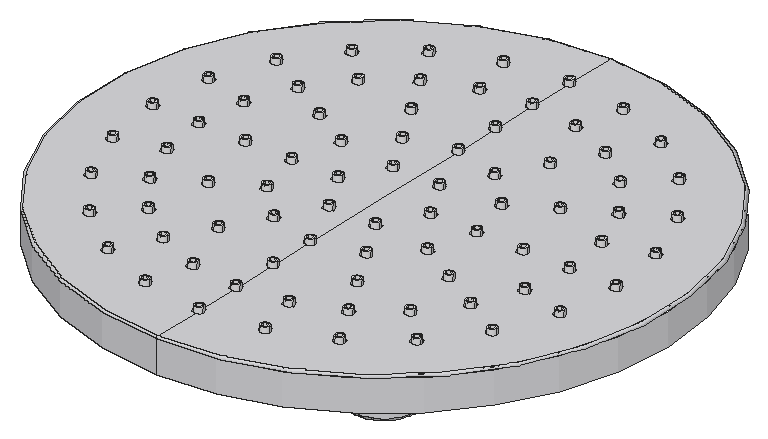
Revit family "Shower-Showerhead-KOHLER-Katalyst_Air-K-18358A_1", category Plumbing Fixtures, host Face, Revit 2017
Family settings
  Host = Face
  Round Connector Dimension = Use Diameter
  Part Type = Normal
  OmniClass Number = 23.31.17.00
  OmniClass Title = Showers
  Cut with Voids When Loaded = No
  Shared = No
  Room Calculation Point = No
Parameters (values of type "CP-Polished Chrome")
  Width = 7.99213"  # constant formula
  WaterSense Certified = 1 = 0  # no
  Waste Water Outlet = "Waste Water Outlet"  # constant formula
  Waste Connection = 1 = 0  # no
  Vent Connection = 1 = 0  # no
  URL = "https://kohler.com.au/"
  Type = 1
  Tempered Water Inlet = ""
  Product Page URL = ""
  Product Name = "Katalyst"  # constant formula
  Product Documentation Link = ""
  Pressure = 45.00 psi  # constant formula
  Panel Thickness = 0"
  Model = "K-18358A-CP"  # constant formula
  Material = "Premium Metal Construction"  # constant formula
  Master Format 2014 Name = "Residential Showers"  # constant formula
  Master Format 2014 = "22 42 23"  # constant formula
  Manufacturer Address = "Kohler Australia PO Box 154  Clifton Hill  VIC 3068 "  # constant formula
  Manufacturer = "KOHLER Co."  # constant formula
  Length = 7.99213"  # constant formula
  Hot Water Inlet = "Tempered Water Inlet"  # constant formula
  Height = 2.59843"  # constant formula
  HW Connection = 1 = 1  # yes
  Flow Rate = 2.5 GPM  # constant formula
  Finish = Kohler-Metal-CP-Polished_Chrome
  Environmental Product Declaration = ""
  Drain Included = 1 = 0  # no
  Description = "8' ROUND RAINSHOWER HEAD"  # constant formula
  Default Elevation = 0"
  Declare Label = ""
  Date Modified = "09/03/2020"  # constant formula
  Date Created = "09/03/2020"  # constant formula
  Copyright = "Copyright KOHLER Co."  # constant formula
  Contact Us = "https://kohler.com.au/contact-us.html"
  Cold Water Inlet = "Cold Water Inlet"  # constant formula
  CW Connection = 1 = 0  # no
  Assembly Code = "D2010700"
  ADA Compliant = 1 = 0  # no
Reference planes (in)
  plane 1 "Center (Front/Back)": y = 0
  plane 2: z = 0
  plane 3 "Center (Left/Right)": x = 0
  plane 4: x = 3.99606
  plane 5: x = -3.99606
  plane 6: z = 2.59843
  plane 7: y = -3.99606
  plane 8: y = 3.99606
Dimensions and locks (in)
  "Width": plane 5 to plane 4
  "Length": plane 8 to plane 7
  "Height": plane 6 to level
  plane 5 to plane 4 = 7.99213"
  plane 8 to plane 7 = 7.99213"
  aligned and locked: plane 2 to host face
  aligned and locked: level to host face
  aligned and locked: plane 3 "Center (Left/Right)" to nested 1
  aligned and locked: plane 1 "Center (Front/Back)" to nested 1
  aligned and locked: plane 4 to nested 1
  aligned and locked: plane 5 to nested 1
  aligned and locked: plane 6 to nested 1
  aligned and locked: plane 7 to nested 1
  aligned and locked: plane 8 to nested 1
Automatic sketch dimensions
  host sketch curve to host sketch curve = 96"  (x2)
Nested families (in)
  nested 1: "K-18358A" at (0, 0, 0), type "K-18358A"
Connectors (in)
  piping at (0, 0, 0), diameter 0.5, driven by "Flow Rate", driven by "Pressure", driven by "HW Connection", driven by "Hot Water Inlet"
    settings: on nested 1, index 1, connector inside diameter 24", connector length 0", flow factor 0, pipe flow 2.5 GPM, pressure drop 45.00 psi, fitting loss kfactor 0, connector angle 0.00°, fixture units 0, engagement length 0", angle of deflection 0.00°, flow configuration 1, flow direction 1, fitting loss method 4, system type 19, joint type 0, gender type 0, connector reference index -1, connector utility 1, adjustable connector no, is connector primary yes, connector description "Tempered Water Inlet"
Definition of nested family "K-18358A"
  Parameters (values of type "K-18358A")
    Material = none
  Reference planes (in)
    plane 1 "Center (Front/Back)": y = 0
    plane 2: z = 0
    plane 3 "Center (Left/Right)": x = 0
    plane 4: y = -3.99606
    plane 5: z = 2.59843
    plane 6: y = 3.99606
    plane 7: z = 2.52779
    plane 8: z = 2.05535
    plane 9: x = 3.99606
    plane 10: x = -3.99606
    plane 11: through (0, 0, 48) normal (-0.866, 0.5, 0)
    plane 12: z = 0.53951
  Forms (in)
    Revolve 1, solid, material <- "Material", detail levels medium+fine
      sketch origin (0, 0, 0) x (0, 1, 0) y (0, 0, 1)
        loop
          line (0, 2.52779) -> (0, 0) -> (0.47427, 0)
          arc (0.47427, 0) -> (0.48898, 0.00609) -> (0.49507, 0.0208) r 0.0208
          line (0.49507, 0.0208) -> (0.49507, 0.53951)
          arc (0.49507, 0.53951) -> (0.45605, 0.66716) -> (0.35232, 0.75116) r 0.22827
          arc (0.35232, 0.75116) -> (0.30973, 0.80576) -> (0.33581, 0.86992) r 0.06917
          arc (0.33581, 0.86992) -> (0.39568, 0.92608) -> (0.44414, 0.99235) r 0.44194
          line (0.44414, 0.99235) -> (0.7205, 0.99235) -> (0.7205, 2.07109) -> (3.93783, 2.07109) -> (3.96511, 2.05535) -> (3.99606, 2.05535) -> (3.99606, 2.49681)
          arc (3.99606, 2.49681) -> (3.98699, 2.51871) -> (3.96509, 2.52779) r 0.03098
          line (3.96509, 2.52779) -> (0, 2.52779)
        axis (0, 2.52779) -> (0, 0)
      angle from 0 to 360
    Extrusion 2, void
      sketch origin (0, 0, 0) x (1, 0, 0) y (0, 0, 1)
        loop
          line (-0.5468, 0.075) -> (-0.45407, 0.16773) -> (-0.45407, 0.74338) -> (-0.5468, 0.74338) -> (-0.5468, 0.075)
        loop
          line (0.5468, 0.075) -> (0.5468, 0.74338) -> (0.45407, 0.74338) -> (0.45407, 0.16773) -> (0.5468, 0.075)
        loop
          line (0.68898, 1.46439) -> (0.68898, 0.97296) -> (0.88583, 0.97296) -> (0.88583, 1.46439) -> (0.68898, 1.46439)
        loop
          line (-0.68898, 1.46439) -> (-0.88583, 1.46439) -> (-0.88583, 0.97296) -> (-0.68898, 0.97296) -> (-0.68898, 1.46439)
      from -1.90009 to 2.64959
    Extrusion 3, void
      sketch origin (0, 0, 0) x (1, 0, 0) y (0, 1, 0)
        loop
          circle (0, 1.29826) r 0.07424
        loop
          circle (0, 1.95079) r 0.07424
        loop
          circle (-0.00142, 2.60042) r 0.07544
        loop
          circle (-0.00142, 3.24982) r 0.07544
        loop
          circle (0, -1.29826) r 0.07424
        loop
          circle (0, -1.95079) r 0.07424
        loop
          circle (-0.00142, -2.60042) r 0.07544
        loop
          circle (-0.00142, -3.24982) r 0.07544
        loop
          circle (1.12494, 0.64948) r 0.07559
        loop
          circle (1.68943, 0.97539) r 0.07559
        loop
          circle (2.25137, 1.29983) r 0.07561
        loop
          circle (2.81494, 1.62521) r 0.07559
        loop
          circle (-1.12494, 0.64948) r 0.07559
        loop
          circle (-1.68943, 0.97539) r 0.07559
        loop
          circle (-2.25137, 1.29983) r 0.07561
        loop
          circle (-2.81494, 1.62521) r 0.07559
        loop
          circle (-1.12494, -0.64948) r 0.07559
        loop
          circle (-1.68943, -0.97539) r 0.07559
        loop
          circle (-2.25137, -1.29983) r 0.07561
        loop
          circle (-2.81494, -1.62521) r 0.07559
        loop
          circle (1.12494, -0.64948) r 0.07559
        loop
          circle (1.68943, -0.97539) r 0.07559
        loop
          circle (2.25137, -1.29983) r 0.07561
        loop
          circle (2.81494, -1.62521) r 0.07559
        loop
          circle (-0.67348, 2.51348) r 0.07559
        loop
          circle (-0.84146, 3.14036) r 0.07559
        loop
          circle (0.67348, 2.51348) r 0.07559
        loop
          circle (0.84146, 3.14036) r 0.07559
        loop
          circle (0.67348, -2.51348) r 0.07559
        loop
          circle (0.84146, -3.14036) r 0.07559
        loop
          circle (-0.67348, -2.51348) r 0.07559
        loop
          circle (-0.84146, -3.14036) r 0.07559
        loop
          circle (-3.13885, 0.84105) r 0.07559
        loop
          circle (-2.51136, 0.67292) r 0.07524
        loop
          circle (3.13885, 0.84105) r 0.07559
        loop
          circle (2.51136, 0.67292) r 0.07524
        loop
          circle (3.13885, -0.84105) r 0.07559
        loop
          circle (2.51136, -0.67292) r 0.07524
        loop
          circle (-3.13885, -0.84105) r 0.07559
        loop
          circle (-2.51136, -0.67292) r 0.07524
        loop
          circle (-2.29764, 2.30001) r 0.07559
        loop
          circle (-1.83814, 1.83994) r 0.07559
        loop
          circle (2.29764, 2.30001) r 0.07559
        loop
          circle (1.83814, 1.83994) r 0.07559
        loop
          circle (2.29764, -2.30001) r 0.07559
        loop
          circle (1.83814, -1.83994) r 0.07559
        loop
          circle (-2.29764, -2.30001) r 0.07559
        loop
          circle (-1.83814, -1.83994) r 0.07559
        loop
          circle (1.62667, -2.81748) r 0.07447
        loop
          circle (1.30103, -2.25346) r 0.07447
        loop
          circle (0.97539, -1.68943) r 0.07447
        loop
          circle (0.64975, -1.12541) r 0.07447
        loop
          circle (0.32606, -0.56213) r 0.07559
        loop
          circle (-1.62667, -2.81748) r 0.07447
        loop
          circle (-1.30103, -2.25346) r 0.07447
        loop
          circle (-0.97539, -1.68943) r 0.07447
        loop
          circle (-0.64975, -1.12541) r 0.07447
        loop
          circle (-0.32606, -0.56213) r 0.07559
        loop
          circle (-1.62667, 2.81748) r 0.07447
        loop
          circle (-1.30103, 2.25346) r 0.07447
        loop
          circle (-0.97539, 1.68943) r 0.07447
        loop
          circle (-0.64975, 1.12541) r 0.07447
        loop
          circle (-0.32606, 0.56213) r 0.07559
        loop
          circle (1.62667, 2.81748) r 0.07447
        loop
          circle (1.30103, 2.25346) r 0.07447
        loop
          circle (0.97539, 1.68943) r 0.07447
        loop
          circle (0.64975, 1.12541) r 0.07447
        loop
          circle (0.32606, 0.56213) r 0.07559
        loop
          circle (0.64823, 0) r 0.07559
        loop
          circle (1.29951, 0) r 0.07559
        loop
          circle (1.9491, 0) r 0.07559
        loop
          circle (2.60193, 0) r 0.07559
        loop
          circle (3.25193, 0) r 0.07559
        loop
          circle (-0.64823, 0) r 0.07559
        loop
          circle (-1.29951, 0) r 0.07559
        loop
          circle (-1.9491, 0) r 0.07559
        loop
          circle (-2.60193, 0) r 0.07559
        loop
          circle (-3.25193, 0) r 0.07559
      from 2.23033 to 4.27742
    Extrusion 4, solid, detail levels medium+fine
      sketch origin (0, 0, 0) x (1, 0, 0) y (0, 1, 0)
        loop
          circle (0.64975, 1.12541) r 0.05906
        loop
          circle (0.64975, 1.12541) r 0.03937
        loop
          circle (0.32606, 0.56213) r 0.05906
        loop
          circle (0.32606, 0.56213) r 0.03937
        loop
          circle (1.62667, 2.81748) r 0.05906
        loop
          circle (1.62667, 2.81748) r 0.03937
        loop
          circle (1.30103, 2.25346) r 0.05906
        loop
          circle (1.30103, 2.25346) r 0.03937
        loop
          circle (0.97539, 1.68943) r 0.03937
        loop
          circle (0.97539, 1.68943) r 0.05906
        loop
          circle (-0.64975, 1.12541) r 0.05906
        loop
          circle (-0.64975, 1.12541) r 0.03937
        loop
          circle (-0.32606, 0.56213) r 0.05906
        loop
          circle (-0.32606, 0.56213) r 0.03937
        loop
          circle (-1.62667, 2.81748) r 0.05906
        loop
          circle (-1.62667, 2.81748) r 0.03937
        loop
          circle (-1.30103, 2.25346) r 0.05906
        loop
          circle (-1.30103, 2.25346) r 0.03937
        loop
          circle (-0.97539, 1.68943) r 0.03937
        loop
          circle (-0.97539, 1.68943) r 0.05906
        loop
          circle (-0.64975, -1.12541) r 0.05906
        loop
          circle (-0.64975, -1.12541) r 0.03937
        loop
          circle (-0.32606, -0.56213) r 0.05906
        loop
          circle (-0.32606, -0.56213) r 0.03937
        loop
          circle (-1.62667, -2.81748) r 0.05906
        loop
          circle (-1.62667, -2.81748) r 0.03937
        loop
          circle (-1.30103, -2.25346) r 0.05906
        loop
          circle (-1.30103, -2.25346) r 0.03937
        loop
          circle (-0.97539, -1.68943) r 0.03937
        loop
          circle (-0.97539, -1.68943) r 0.05906
        loop
          circle (0.64975, -1.12541) r 0.05906
        loop
          circle (0.64975, -1.12541) r 0.03937
        loop
          circle (0.32606, -0.56213) r 0.05906
        loop
          circle (0.32606, -0.56213) r 0.03937
        loop
          circle (1.62667, -2.81748) r 0.05906
        loop
          circle (1.62667, -2.81748) r 0.03937
        loop
          circle (1.30103, -2.25346) r 0.05906
        loop
          circle (1.30103, -2.25346) r 0.03937
        loop
          circle (0.97539, -1.68943) r 0.03937
        loop
          circle (0.97539, -1.68943) r 0.05906
        loop
          circle (0.84146, 3.14036) r 0.03937
        loop
          circle (0.84146, 3.14036) r 0.05906
        loop
          circle (0.67348, 2.51348) r 0.03937
        loop
          circle (0.67348, 2.51348) r 0.05906
        loop
          circle (2.29764, 2.30001) r 0.03937
        loop
          circle (2.29764, 2.30001) r 0.05906
        loop
          circle (1.83814, 1.83994) r 0.03937
        loop
          circle (1.83814, 1.83994) r 0.05906
        loop
          circle (3.13885, 0.84105) r 0.03937
        loop
          circle (3.13885, 0.84105) r 0.05906
        loop
          circle (2.51136, 0.67292) r 0.03937
        loop
          circle (2.51136, 0.67292) r 0.05906
        loop
          circle (-0.00142, 3.24982) r 0.05906
        loop
          circle (-0.00142, 3.24982) r 0.03937
        loop
          circle (-0.00142, 2.60042) r 0.05906
        loop
          circle (-0.00142, 2.60042) r 0.03937
        loop
          circle (0, 1.95079) r 0.03937
        loop
          circle (0, 1.95079) r 0.05906
        loop
          circle (0, 1.29826) r 0.05906
        loop
          circle (0, 1.29826) r 0.03937
        loop
          circle (0.84146, -3.14036) r 0.03937
        loop
          circle (0.84146, -3.14036) r 0.05906
        loop
          circle (0.67348, -2.51348) r 0.03937
        loop
          circle (0.67348, -2.51348) r 0.05906
        loop
          circle (2.29764, -2.30001) r 0.03937
        loop
          circle (2.29764, -2.30001) r 0.05906
        loop
          circle (1.83814, -1.83994) r 0.03937
        loop
          circle (1.83814, -1.83994) r 0.05906
        loop
          circle (3.13885, -0.84105) r 0.03937
        loop
          circle (3.13885, -0.84105) r 0.05906
        loop
          circle (2.51136, -0.67292) r 0.03937
        loop
          circle (2.51136, -0.67292) r 0.05906
        loop
          circle (-0.84146, -3.14036) r 0.03937
        loop
          circle (-0.84146, -3.14036) r 0.05906
        loop
          circle (-0.67348, -2.51348) r 0.03937
        loop
          circle (-0.67348, -2.51348) r 0.05906
        loop
          circle (-2.29764, -2.30001) r 0.03937
        loop
          circle (-2.29764, -2.30001) r 0.05906
        loop
          circle (-1.83814, -1.83994) r 0.03937
        loop
          circle (-1.83814, -1.83994) r 0.05906
        loop
          circle (-3.13885, -0.84105) r 0.03937
        loop
          circle (-3.13885, -0.84105) r 0.05906
        loop
          circle (-2.51136, -0.67292) r 0.03937
        loop
          circle (-2.51136, -0.67292) r 0.05906
        loop
          circle (-0.84146, 3.14036) r 0.03937
        loop
          circle (-0.84146, 3.14036) r 0.05906
        loop
          circle (-0.67348, 2.51348) r 0.03937
        loop
          circle (-0.67348, 2.51348) r 0.05906
        loop
          circle (-2.29764, 2.30001) r 0.03937
        loop
          circle (-2.29764, 2.30001) r 0.05906
        loop
          circle (-1.83814, 1.83994) r 0.03937
        loop
          circle (-1.83814, 1.83994) r 0.05906
        loop
          circle (-3.13885, 0.84105) r 0.03937
        loop
          circle (-3.13885, 0.84105) r 0.05906
        loop
          circle (-2.51136, 0.67292) r 0.03937
        loop
          circle (-2.51136, 0.67292) r 0.05906
        loop
          circle (-0.00142, -3.24982) r 0.05906
        loop
          circle (-0.00142, -3.24982) r 0.03937
        loop
          circle (-0.00142, -2.60042) r 0.05906
        loop
          circle (-0.00142, -2.60042) r 0.03937
        loop
          circle (0, -1.95079) r 0.03937
        loop
          circle (0, -1.95079) r 0.05906
        loop
          circle (0, -1.29826) r 0.05906
        loop
          circle (0, -1.29826) r 0.03937
        loop
          circle (-2.81494, 1.62521) r 0.03937
        loop
          circle (-2.25137, 1.29983) r 0.03937
        loop
          circle (-2.81494, 1.62521) r 0.05906
        loop
          circle (-2.25137, 1.29983) r 0.05906
        loop
          circle (-1.68943, 0.97539) r 0.03937
        loop
          circle (-1.68943, 0.97539) r 0.05906
        loop
          circle (-1.12494, 0.64948) r 0.03937
        loop
          circle (-1.12494, 0.64948) r 0.05906
        loop
          circle (2.81494, 1.62521) r 0.03937
        loop
          circle (2.25137, 1.29983) r 0.03937
        loop
          circle (2.81494, 1.62521) r 0.05906
        loop
          circle (2.25137, 1.29983) r 0.05906
        loop
          circle (1.68943, 0.97539) r 0.03937
        loop
          circle (1.68943, 0.97539) r 0.05906
        loop
          circle (1.12494, 0.64948) r 0.03937
        loop
          circle (1.12494, 0.64948) r 0.05906
        loop
          circle (2.81494, -1.62521) r 0.03937
        loop
          circle (2.25137, -1.29983) r 0.03937
        loop
          circle (2.81494, -1.62521) r 0.05906
        loop
          circle (2.25137, -1.29983) r 0.05906
        loop
          circle (1.68943, -0.97539) r 0.03937
        loop
          circle (1.68943, -0.97539) r 0.05906
        loop
          circle (1.12494, -0.64948) r 0.03937
        loop
          circle (1.12494, -0.64948) r 0.05906
        loop
          circle (-2.81494, -1.62521) r 0.03937
        loop
          circle (-2.25137, -1.29983) r 0.03937
        loop
          circle (-2.81494, -1.62521) r 0.05906
        loop
          circle (-2.25137, -1.29983) r 0.05906
        loop
          circle (-1.68943, -0.97539) r 0.03937
        loop
          circle (-1.68943, -0.97539) r 0.05906
        loop
          circle (-1.12494, -0.64948) r 0.03937
        loop
          circle (-1.12494, -0.64948) r 0.05906
        loop
          circle (0.64823, 0) r 0.05906
        loop
          circle (0.64823, 0) r 0.03937
        loop
          circle (-0.64823, 0) r 0.05906
        loop
          circle (-0.64823, 0) r 0.03937
        loop
          circle (-3.25193, 0) r 0.05906
        loop
          circle (-3.25193, 0) r 0.03937
        loop
          circle (-2.60193, 0) r 0.05906
        loop
          circle (-2.60193, 0) r 0.03937
        loop
          circle (-1.9491, 0) r 0.05906
        loop
          circle (-1.9491, 0) r 0.03937
        loop
          circle (-1.29951, 0) r 0.03937
        loop
          circle (-1.29951, 0) r 0.05906
        loop
          circle (3.25193, 0) r 0.05906
        loop
          circle (3.25193, 0) r 0.03937
        loop
          circle (2.60193, 0) r 0.05906
        loop
          circle (2.60193, 0) r 0.03937
        loop
          circle (1.9491, 0) r 0.05906
        loop
          circle (1.9491, 0) r 0.03937
        loop
          circle (1.29951, 0) r 0.03937
        loop
          circle (1.29951, 0) r 0.05906
      from 2.23834 to 2.59843
    Extrusion 5, void
      sketch origin (0, 0, 0) x (1, 0, 0) y (0, 1, 0)
        loop
          circle (0.00126, -3.73418) r 0.15748
      from 2.05535 to 2.18429
    Extrusion 6, void
      sketch origin (0, 0, 0) x (0.707107, 0.707107, 0) y (-0.707107, 0.707107, 0)
        loop
          circle (0.00126, -3.73418) r 0.15748
      from 2.05535 to 2.18429
    Extrusion 7, void
      sketch origin (0, 0, 0) x (0, 1, 0) y (-1, 0, 0)
        loop
          circle (0.00126, -3.73418) r 0.15748
      from 2.05535 to 2.18429
    Extrusion 8, void
      sketch origin (0, 0, 0) x (-0.707107, 0.707107, 0) y (-0.707107, -0.707107, 0)
        loop
          circle (0.00126, -3.73418) r 0.15748
      from 2.05535 to 2.18429
    Extrusion 9, void
      sketch origin (0, 0, 0) x (-1, 0, 0) y (0, -1, 0)
        loop
          circle (0.00126, -3.73418) r 0.15748
      from 2.05535 to 2.18429
    Extrusion 10, void
      sketch origin (0, 0, 0) x (-0.707107, -0.707107, 0) y (0.707107, -0.707107, 0)
        loop
          circle (0.00126, -3.73418) r 0.15748
      from 2.05535 to 2.18429
    Extrusion 11, void
      sketch origin (0, 0, 0) x (0, -1, 0) y (1, 0, 0)
        loop
          circle (0.00126, -3.73418) r 0.15748
      from 2.05535 to 2.18429
    Extrusion 12, void
      sketch origin (0, 0, 0) x (0.707107, -0.707107, 0) y (0.707107, 0.707107, 0)
        loop
          circle (0.00126, -3.73418) r 0.15748
      from 2.05535 to 2.18429
    Extrusion 13, solid, material <- "Material", detail levels medium+fine
      sketch origin (0, 0, 0) x (1, 0, 0) y (0, 1, 0)
        loop
          circle (0, 0) r 0.31496
      from 0 to 0.0979
    Revolve 14, solid, material <- "Material", detail levels coarse
      sketch origin (0, 0, 0) x (1, 0, 0) y (0, 0, 1)
        loop
          line (0, 2.59843) -> (-3.99606, 2.59843) -> (-3.99606, 2.05535) -> (-0.7205, 2.05535) -> (-0.7205, 0) -> (0, 0) -> (0, 2.59843)
        axis (0, 0) -> (0, 2.59843)
      angle from 0 to 360
  Cuts and joins
    Extrusion 2, Extrusion 3, Extrusion 5, Extrusion 6, Extrusion 7, Extrusion 8, Extrusion 9, Extrusion 10, Extrusion 11, Extrusion 12 cuts Revolve 1
  Lines and regions (in)
    Masking region 1
      outline origin (0, 0, 0) x (1, 0, 0) y (0, 0, 1)
        loop
          line (0, 0) -> (0.47427, 0)
          arc (0.47427, 0) -> (0.48898, 0.00609) -> (0.49507, 0.0208) r 0.0208
          line (0.49507, 0.0208) -> (0.49507, 0.12673) -> (0.45407, 0.16773) -> (0.45407, 0.67004)
          arc (0.45407, 0.67004) -> (0.4091, 0.718) -> (0.35232, 0.75116) r 0.22827
          arc (0.35232, 0.75116) -> (0.30973, 0.80576) -> (0.33581, 0.86992) r 0.06917
          arc (0.33581, 0.86992) -> (0.39568, 0.92608) -> (0.44414, 0.99235) r 0.44194
          line (0.44414, 0.99235) -> (0.68898, 0.99235) -> (0.68898, 1.46439) -> (0.7205, 1.46439) -> (0.7205, 2.05535) -> (3.99606, 2.05535) -> (3.99606, 2.49681)
          arc (3.99606, 2.49681) -> (3.98699, 2.51871) -> (3.96509, 2.52779) r 0.03098
          line (3.96509, 2.52779) -> (3.31099, 2.52779) -> (3.31099, 2.59843) -> (3.0798, 2.59843) -> (3.0798, 2.52779) -> (2.874, 2.52779) -> (2.874, 2.59843) -> (2.75588, 2.59843) -> (2.75588, 2.52779) -> (2.66099, 2.52779) -> (2.66099, 2.59843) -> (2.4523, 2.59843) -> (2.4523, 2.52779) -> (2.3567, 2.52779) -> (2.3567, 2.59843) -> (2.19231, 2.59843) -> (2.19231, 2.52779) -> (2.00815, 2.52779) -> (2.00815, 2.59843) -> (1.77908, 2.59843) -> (1.77908, 2.52779) -> (1.74849, 2.53318) -> (1.74849, 2.59843) -> (1.56762, 2.59843) -> (1.56762, 2.52779) -> (1.36009, 2.52779) -> (1.36009, 2.59843) -> (1.24045, 2.59843) -> (1.24045, 2.52779) -> (1.18399, 2.52779) -> (1.18399, 2.59843) -> (1.06588, 2.59843) -> (1.06588, 2.52779) -> (1.03445, 2.52779) -> (1.03445, 2.59843) -> (0.91634, 2.59843) -> (0.91634, 2.52419) -> (0.90051, 2.55161) -> (0.90051, 2.59843) -> (0.7824, 2.59843) -> (0.7824, 2.52779) -> (0.73254, 2.52779) -> (0.73254, 2.59843) -> (0.58917, 2.59843) -> (0.58917, 2.52779) -> (0.38512, 2.52779) -> (0.38512, 2.59843) -> (0.26701, 2.59843) -> (0.26701, 2.52779) -> (0.05906, 2.52779) -> (0.05906, 2.59843) -> (0, 2.59843) -> (-0.05906, 2.59843) -> (-0.05906, 2.52779) -> (-0.26701, 2.52779) -> (-0.26701, 2.59843) -> (-0.38512, 2.59843) -> (-0.38512, 2.52779) -> (-0.58917, 2.52779) -> (-0.58917, 2.59843) -> (-0.73254, 2.59843) -> (-0.73254, 2.52779) -> (-0.7824, 2.52779) -> (-0.7824, 2.59843) -> (-0.90051, 2.59843) -> (-0.90051, 2.55161) -> (-0.91634, 2.52419) -> (-0.91634, 2.59843) -> (-1.03445, 2.59843) -> (-1.03445, 2.52779) -> (-1.06588, 2.52779) -> (-1.06588, 2.59843) -> (-1.18399, 2.59843) -> (-1.18399, 2.52779) -> (-1.24045, 2.52779) -> (-1.24045, 2.59843) -> (-1.36009, 2.59843) -> (-1.36009, 2.52779) -> (-1.56762, 2.52779) -> (-1.56762, 2.59843) -> (-1.74849, 2.59843) -> (-1.74849, 2.53318) -> (-1.77908, 2.52779) -> (-1.77908, 2.59843) -> (-2.00815, 2.59843) -> (-2.00815, 2.52779) -> (-2.19231, 2.52779) -> (-2.19231, 2.59843) -> (-2.3567, 2.59843) -> (-2.3567, 2.52779) -> (-2.4523, 2.52779) -> (-2.4523, 2.59843) -> (-2.66099, 2.59843) -> (-2.66099, 2.52779) -> (-2.75588, 2.52779) -> (-2.75588, 2.59843) -> (-2.874, 2.59843) -> (-2.874, 2.52779) -> (-3.0798, 2.52779) -> (-3.0798, 2.59843) -> (-3.31099, 2.59843) -> (-3.31099, 2.52779) -> (-3.96509, 2.52779)
          arc (-3.96509, 2.52779) -> (-3.98699, 2.51871) -> (-3.99606, 2.49681) r 0.03098
          line (-3.99606, 2.49681) -> (-3.99606, 2.05535) -> (-0.7205, 2.05535) -> (-0.7205, 1.46439) -> (-0.68898, 1.46439) -> (-0.68898, 0.99235) -> (-0.44414, 0.99235)
          arc (-0.44414, 0.99235) -> (-0.39568, 0.92608) -> (-0.33581, 0.86992) r 0.44194
          arc (-0.33581, 0.86992) -> (-0.30973, 0.80576) -> (-0.35232, 0.75116) r 0.06917
          arc (-0.35232, 0.75116) -> (-0.4091, 0.718) -> (-0.45407, 0.67004) r 0.22827
          line (-0.45407, 0.67004) -> (-0.45407, 0.16773) -> (-0.49507, 0.12673) -> (-0.49507, 0.0208)
          arc (-0.49507, 0.0208) -> (-0.48898, 0.00609) -> (-0.47427, 0) r 0.0208
          line (-0.47427, 0) -> (0, 0)
    Masking region 2
      outline origin (0, 0, 0) x (0, 1, 0) y (0, 0, 1)
        loop
          line (0, 0) -> (0.47275, 0)
          arc (0.47275, 0) -> (0.48848, 0.00651) -> (0.49499, 0.02224) r 0.02224
          line (0.49499, 0.02224) -> (0.49499, 0.54557)
          arc (0.49499, 0.54557) -> (0.45434, 0.66966) -> (0.35232, 0.75116) r 0.22827
          arc (0.35232, 0.75116) -> (0.30973, 0.80576) -> (0.33581, 0.86992) r 0.06917
          arc (0.33581, 0.86992) -> (0.39568, 0.92608) -> (0.44414, 0.99235) r 0.44194
          line (0.44414, 0.99235) -> (0.7205, 0.99235) -> (0.7205, 2.05535) -> (3.99606, 2.05535) -> (3.99606, 2.49681)
          arc (3.99606, 2.49681) -> (3.98699, 2.51871) -> (3.96509, 2.52779) r 0.03098
          line (3.96509, 2.52779) -> (3.30928, 2.52779) -> (3.30928, 2.59843) -> (3.08141, 2.59843) -> (3.08141, 2.52779) -> (2.87721, 2.52779) -> (2.87721, 2.59843) -> (2.75818, 2.59843) -> (2.75818, 2.52779) -> (2.66099, 2.52779) -> (2.66099, 2.59843) -> (2.45386, 2.59843) -> (2.45386, 2.52779) -> (2.35932, 2.52779) -> (2.35932, 2.59843) -> (2.19383, 2.59843) -> (2.19383, 2.52779) -> (2.01004, 2.52779) -> (2.01004, 2.59843) -> (1.78077, 2.59843) -> (1.78077, 2.52749) -> (1.74849, 2.53318) -> (1.74849, 2.59843) -> (1.56581, 2.59843) -> (1.56581, 2.52779) -> (1.3591, 2.52779) -> (1.3591, 2.59843) -> (1.23908, 2.59843) -> (1.23908, 2.52779) -> (1.18459, 2.52779) -> (1.18459, 2.59843) -> (1.0663, 2.59843) -> (1.0663, 2.52779) -> (1.03445, 2.52779) -> (1.03445, 2.59843) -> (0.91634, 2.59843) -> (0.91634, 2.52779) -> (0.90014, 2.55474) -> (0.90014, 2.59843) -> (0.7824, 2.59843) -> (0.7824, 2.52779) -> (0.73254, 2.52779) -> (0.73254, 2.59843) -> (0.50273, 2.59843) -> (0.50273, 2.52779) -> (0.05906, 2.52779) -> (0.05906, 2.59843) -> (0, 2.59843) -> (-0.05906, 2.59843) -> (-0.05906, 2.52779) -> (-0.5028, 2.52779) -> (-0.5028, 2.59843) -> (-0.73215, 2.59843) -> (-0.73215, 2.52779) -> (-0.78195, 2.52779) -> (-0.78195, 2.59843) -> (-0.90022, 2.59843) -> (-0.90022, 2.55462) -> (-0.91634, 2.52779) -> (-0.91634, 2.59843) -> (-1.03445, 2.59843) -> (-1.03445, 2.52779) -> (-1.06588, 2.52779) -> (-1.06588, 2.59843) -> (-1.18469, 2.59843) -> (-1.18469, 2.52779) -> (-1.23877, 2.52779) -> (-1.23877, 2.59843) -> (-1.35895, 2.59843) -> (-1.35895, 2.52779) -> (-1.56762, 2.52779) -> (-1.56762, 2.59843) -> (-1.74849, 2.59843) -> (-1.74849, 2.53318) -> (-1.78056, 2.52753) -> (-1.78056, 2.59843) -> (-2.00997, 2.59843) -> (-2.00997, 2.52779) -> (-2.19457, 2.52779) -> (-2.19457, 2.59843) -> (-2.35918, 2.59843) -> (-2.35918, 2.52779) -> (-2.45423, 2.52779) -> (-2.45423, 2.59843) -> (-2.6596, 2.59843) -> (-2.6596, 2.52779) -> (-2.75813, 2.52779) -> (-2.75813, 2.59843) -> (-2.87685, 2.59843) -> (-2.87685, 2.52779) -> (-3.08072, 2.52779) -> (-3.08072, 2.59843) -> (-3.3091, 2.59843) -> (-3.3091, 2.52779) -> (-3.96509, 2.52779)
          arc (-3.96509, 2.52779) -> (-3.98699, 2.51871) -> (-3.99606, 2.49681) r 0.03098
          line (-3.99606, 2.49681) -> (-3.99606, 2.05535) -> (-0.7205, 2.05535) -> (-0.7205, 0.99235) -> (-0.44414, 0.99235)
          arc (-0.44414, 0.99235) -> (-0.39568, 0.92608) -> (-0.33581, 0.86992) r 0.44194
          arc (-0.33581, 0.86992) -> (-0.30973, 0.80576) -> (-0.35232, 0.75116) r 0.06917
          arc (-0.35232, 0.75116) -> (-0.4509, 0.67448) -> (-0.49437, 0.5574) r 0.22827
          line (-0.49437, 0.5574) -> (-0.49437, 0.02616)
          arc (-0.49437, 0.02616) -> (-0.49076, 0.00813) -> (-0.47427, 0) r 0.0208
          line (-0.47427, 0) -> (0, 0)
    Masking region 3
      outline origin (0, 0, 0) x (1, 0, 0) y (0, 1, 0)
        loop
          circle (0, 0) r 3.99606
    symbolic lines, detail levels medium+fine
      curve 1: line (-0.33581, 0, 0.86992) -> (0.33581, 0, 0.86992)
      curve 2: line (-0.35232, 0, 0.75116) -> (0.35232, 0, 0.75116)
      curve 3: line (-0.7205, 0, 2.05535) -> (0.7205, 0, 2.05535)
      curve 4: line (-3.31099, 0, 2.52779) -> (-3.0798, 0, 2.52779)
      curve 5: line (-2.874, 0, 2.52779) -> (-2.75588, 0, 2.52779)
      curve 6: line (-2.75588, 0, 2.52779) -> (-2.66099, 0, 2.52779)
      curve 7: line (-2.66099, 0, 2.52779) -> (-2.4523, 0, 2.52779)
      curve 8: line (-2.3567, 0, 2.52779) -> (-2.19231, 0, 2.52779)
      curve 9: line (-2.00815, 0, 2.52779) -> (-1.77908, 0, 2.52779)
      curve 10: line (-1.77908, 0, 2.52779) -> (-1.56762, 0, 2.52779)
      curve 11: line (-1.24045, 0, 2.52779) -> (-1.36009, 0, 2.52779)
      curve 12: line (-1.18399, 0, 2.52779) -> (-1.06588, 0, 2.52779)
      curve 13: line (-1.03445, 0, 2.52779) -> (-0.7824, 0, 2.52779)
      curve 14: line (-0.58917, 0, 2.52779) -> (-0.73254, 0, 2.52779)
      curve 15: line (-0.38512, 0, 2.52779) -> (-0.26701, 0, 2.52779)
      curve 16: line (-0.05906, 0, 2.52779) -> (0.05906, 0, 2.52779)
      curve 17: line (0.26701, 0, 2.52779) -> (0.38512, 0, 2.52779)
      curve 18: line (0.58917, 0, 2.52779) -> (0.73254, 0, 2.52779)
      curve 19: line (0.7824, 0, 2.52779) -> (1.03445, 0, 2.52779)
      curve 20: line (1.06588, 0, 2.52779) -> (1.18399, 0, 2.52779)
      curve 21: line (1.24045, 0, 2.52779) -> (1.36009, 0, 2.52779)
      curve 22: line (1.56762, 0, 2.52779) -> (2.00815, 0, 2.52779)
      curve 23: line (2.19231, 0, 2.52779) -> (2.3567, 0, 2.52779)
      curve 24: line (2.4523, 0, 2.52779) -> (2.66099, 0, 2.52779)
      curve 25: line (2.75588, 0, 2.52779) -> (2.874, 0, 2.52779)
      curve 26: line (3.0798, 0, 2.52779) -> (3.31099, 0, 2.52779)
      curve 27: line (-3.19791, 0, 2.59843) -> (-3.19791, 0, 2.52779)
      curve 28: line (-2.56256, 0, 2.59843) -> (-2.56256, 0, 2.52779)
      curve 29: line (-2.25827, 0, 2.59843) -> (-2.25827, 0, 2.52779)
      curve 30: line (-1.89004, 0, 2.59843) -> (-1.89004, 0, 2.52779)
      curve 31: line (-1.66604, 0, 2.59843) -> (-1.66604, 0, 2.52779)
      curve 32: line (-0.63411, 0, 2.59843) -> (-0.63411, 0, 2.52779)
      curve 33: line (1.68573, 0, 2.59843) -> (1.68573, 0, 2.52779)
      curve 34: line (1.89004, 0, 2.59843) -> (1.89004, 0, 2.52779)
      curve 35: line (2.25827, 0, 2.59843) -> (2.25827, 0, 2.52779)
      curve 36: line (2.55073, 0, 2.59843) -> (2.55073, 0, 2.52779)
      curve 37: line (3.19288, 0, 2.59843) -> (3.19288, 0, 2.52779)
      curve 38: line (-0.44414, 0, 0.99235) -> (0.44414, 0, 0.99235)
      curve 39: line (0, 0.19726, 0.53951) -> (0, -0.19726, 0.53951)
      curve 40: line (0, -0.19726, 0.53951) -> (0, -0.19726, 0.16773)
      curve 41: line (0, 0.19726, 0.16773) -> (0, 0.19726, 0.53951)
      curve 42: line (0, 0.19726, 0.16773) -> (0, -0.19726, 0.16773)
      curve 43: spline (0, -0.19721, 0.16779) -> (0, -0.16713, 0.15554) -> (0, -0.13555, 0.14537) -> (0, -0.10275, 0.13736) -> (0, -0.06902, 0.13159) -> (0, -0.03466, 0.12811) -> (0, 0, 0.12694) -> (0, 0.03466, 0.12811) -> (0, 0.06902, 0.13159) -> (0, 0.10275, 0.13736) -> (0, 0.13555, 0.14537) -> (0, 0.16713, 0.15554) -> (0, 0.19721, 0.16779)
      curve 44: line (0, -0.2108, 1.46439) -> (0, -0.2108, 0.99235)
      curve 45: line (0, 0.2108, 0.99235) -> (0, 0.2108, 1.46439)
      curve 46: line (0, 0.2108, 1.46439) -> (0, -0.2108, 1.46439)
      curve 47: line (0, 0.44414, 0.99235) -> (0, -0.44414, 0.99235)
      curve 48: line (0, 0.33581, 0.86992) -> (0, -0.33581, 0.86992)
      curve 49: line (0, 0.35232, 0.75116) -> (0, -0.35232, 0.75116)
      curve 50: line (0, 0.49618, 0.53951) -> (0, 0.19726, 0.53951)
      curve 51: line (0, -0.19726, 0.53951) -> (0, -0.49507, 0.53951)
      curve 52: line (0, -0.49437, 0.02616) -> (0, 0.49499, 0.02616)
      curve 53: line (-0.49507, 0, 0.0208) -> (0.49507, 0, 0.0208)
      curve 54: line (0, -3.08072, 2.52779) -> (0, -3.3091, 2.52779)
      curve 55: line (0, -3.19941, 2.59843) -> (0, -3.19941, 2.52779)
      curve 56: line (0, -2.75813, 2.52779) -> (0, -2.88198, 2.52779)
      curve 57: line (0, -2.6596, 2.52779) -> (0, -2.45423, 2.52779)
      curve 58: line (0, -2.57253, 2.59843) -> (0, -2.57253, 2.52779)
      curve 59: line (0, -2.26064, 2.59843) -> (0, -2.26064, 2.52779)
      curve 60: line (0, -2.19457, 2.52779) -> (0, -2.35918, 2.52779)
      curve 61: line (0, -1.89899, 2.59843) -> (0, -1.89899, 2.52779)
      curve 62: line (0, -1.66458, 2.59843) -> (0, -1.66458, 2.52779)
      curve 63: line (0, -1.56762, 2.52779) -> (0, -2.00997, 2.52779)
      curve 64: line (0, -0.78195, 2.52779) -> (0, -1.03445, 2.52779)
      curve 65: line (0, -1.06092, 2.52779) -> (0, -1.18469, 2.52779)
      curve 66: line (0, -1.23877, 2.52779) -> (0, -1.35895, 2.52779)
      curve 67: line (0, -0.5028, 2.52779) -> (0, -0.73215, 2.52779)
      curve 68: line (0, -0.61011, 2.59843) -> (0, -0.61011, 2.52779)
      curve 69: line (0, -0.6015, 2.59843) -> (0, -0.6015, 2.52779)
      curve 70: line (0, 0.05906, 2.52779) -> (0, -0.05906, 2.52779)
      curve 71: line (0, 0.73254, 2.52779) -> (0, 0.50273, 2.52779)
      curve 72: line (0, 0.61011, 2.59843) -> (0, 0.61011, 2.52779)
      curve 73: line (0, 0.62119, 2.59843) -> (0, 0.62119, 2.52779)
      curve 74: line (0, 0.7824, 2.52779) -> (0, 1.03445, 2.52779)
      curve 75: line (0, 1.3591, 2.52779) -> (0, 1.23908, 2.52779)
      curve 76: line (0, 1.18459, 2.52779) -> (0, 1.0663, 2.52779)
      curve 77: line (0, 3.30928, 2.52779) -> (0, 3.08141, 2.52779)
      curve 78: line (0, 3.19076, 2.59843) -> (0, 3.19076, 2.52779)
      curve 79: line (0, 2.87721, 2.52779) -> (0, 2.75299, 2.52779)
      curve 80: line (0, 2.55285, 2.59843) -> (0, 2.55285, 2.52779)
      curve 81: line (0, 2.66099, 2.52779) -> (0, 2.45386, 2.52779)
      curve 82: line (0, 2.26064, 2.59843) -> (0, 2.26064, 2.52779)
      curve 83: line (0, 2.35932, 2.52779) -> (0, 2.19383, 2.52779)
      curve 84: line (0, 2.01004, 2.52779) -> (0, 1.56581, 2.52779)
      curve 85: line (0, 1.89173, 2.59843) -> (0, 1.89173, 2.52779)
      curve 86: line (0, 1.66458, 2.59843) -> (0, 1.66458, 2.52779)
      curve 87: arc (0.07402, 3.24982, 0) -> (-0.00142, 3.32526, 0) -> (-0.07686, 3.24982, 0) r 0.07544
      curve 88: arc (-0.07686, 3.24982, 0) -> (-0.00142, 3.17438, 0) -> (0.07402, 3.24982, 0) r 0.07544
      curve 89: arc (-0.04079, 3.24982, 0) -> (-0.00142, 3.28919, 0) -> (0.03795, 3.24982, 0) r 0.03937
      curve 90: arc (0.03795, 3.24982, 0) -> (-0.00142, 3.21045, 0) -> (-0.04079, 3.24982, 0) r 0.03937
      curve 91: arc (-0.06047, 3.24982, 0) -> (-0.00142, 3.19076, 0) -> (0.05764, 3.24982, 0) r 0.05906
      curve 92: arc (0.05764, 3.24982, 0) -> (-0.00142, 3.30887, 0) -> (-0.06047, 3.24982, 0) r 0.05906
      curve 93: arc (-0.06047, 2.60042, 0) -> (-0.00142, 2.54136, 0) -> (0.05764, 2.60042, 0) r 0.05906
      curve 94: arc (-0.04079, 2.60042, 0) -> (-0.00142, 2.63979, 0) -> (0.03795, 2.60042, 0) r 0.03937
      curve 95: arc (0.03795, 2.60042, 0) -> (-0.00142, 2.56105, 0) -> (-0.04079, 2.60042, 0) r 0.03937
      curve 96: arc (0.05764, 2.60042, 0) -> (-0.00142, 2.65947, 0) -> (-0.06047, 2.60042, 0) r 0.05906
      curve 97: arc (0.07402, 2.60042, 0) -> (-0.00142, 2.67586, 0) -> (-0.07686, 2.60042, 0) r 0.07544
      curve 98: arc (-0.07686, 2.60042, 0) -> (-0.00142, 2.52498, 0) -> (0.07402, 2.60042, 0) r 0.07544
      curve 99: arc (-0.07424, 1.95079, 0) -> (0, 1.87655, 0) -> (0.07424, 1.95079, 0) r 0.07424
      curve 100: arc (-0.05906, 1.95079, 0) -> (0, 1.89173, 0) -> (0.05906, 1.95079, 0) r 0.05906
      curve 101: arc (0.03937, 1.95079, 0) -> (0, 1.91142, 0) -> (-0.03937, 1.95079, 0) r 0.03937
      curve 102: arc (-0.03937, 1.95079, 0) -> (0, 1.99016, 0) -> (0.03937, 1.95079, 0) r 0.03937
      curve 103: arc (0.05906, 1.95079, 0) -> (0, 2.00984, 0) -> (-0.05906, 1.95079, 0) r 0.05906
      curve 104: arc (0.07424, 1.95079, 0) -> (0, 2.02503, 0) -> (-0.07424, 1.95079, 0) r 0.07424
      curve 105: arc (-0.07424, 1.29826, 0) -> (0, 1.22402, 0) -> (0.07424, 1.29826, 0) r 0.07424
      curve 106: arc (-0.05906, 1.29826, 0) -> (0, 1.2392, 0) -> (0.05906, 1.29826, 0) r 0.05906
      curve 107: arc (0.05906, 1.29826, 0) -> (0, 1.2392, 0) -> (-0.05906, 1.29826, 0) r 0.05906
      curve 108: arc (-0.05906, 1.29826, 0) -> (0, 1.35731, 0) -> (0.05906, 1.29826, 0) r 0.05906
      curve 109: arc (0.07424, 1.29826, 0) -> (0, 1.3725, 0) -> (-0.07424, 1.29826, 0) r 0.07424
      curve 110: arc (-0.05906, 1.29826, 0) -> (0, 1.2392, 0) -> (0.05906, 1.29826, 0) r 0.05906
      curve 111: arc (-0.03937, 1.29826, 0) -> (0.01445, 1.33488, 0) -> (0.02877, 1.27138, 0) r 0.03937
      curve 112: arc (0.03937, 1.29826, 0) -> (0, 1.25889, 0) -> (-0.03937, 1.29826, 0) r 0.03937
      curve 113: arc (0.07402, -3.24982, 0) -> (-0.00142, -3.32526, 0) -> (-0.07686, -3.24982, 0) r 0.07544
      curve 114: arc (-0.07686, -3.24982, 0) -> (-0.00142, -3.17438, 0) -> (0.07402, -3.24982, 0) r 0.07544
      curve 115: arc (-0.04079, -3.24982, 0) -> (-0.00142, -3.28919, 0) -> (0.03795, -3.24982, 0) r 0.03937
      curve 116: arc (0.03795, -3.24982, 0) -> (-0.00142, -3.21045, 0) -> (-0.04079, -3.24982, 0) r 0.03937
      curve 117: arc (-0.06047, -3.24982, 0) -> (-0.00142, -3.19076, 0) -> (0.05764, -3.24982, 0) r 0.05906
      curve 118: arc (0.05764, -3.24982, 0) -> (-0.00142, -3.30887, 0) -> (-0.06047, -3.24982, 0) r 0.05906
      curve 119: arc (-0.06047, -2.60042, 0) -> (-0.00142, -2.54136, 0) -> (0.05764, -2.60042, 0) r 0.05906
      curve 120: arc (-0.04079, -2.60042, 0) -> (-0.00142, -2.63979, 0) -> (0.03795, -2.60042, 0) r 0.03937
      curve 121: arc (0.03795, -2.60042, 0) -> (-0.00142, -2.56105, 0) -> (-0.04079, -2.60042, 0) r 0.03937
      curve 122: arc (0.05764, -2.60042, 0) -> (-0.00142, -2.65947, 0) -> (-0.06047, -2.60042, 0) r 0.05906
      curve 123: arc (0.07402, -2.60042, 0) -> (-0.00142, -2.67586, 0) -> (-0.07686, -2.60042, 0) r 0.07544
      curve 124: arc (-0.07686, -2.60042, 0) -> (-0.00142, -2.52498, 0) -> (0.07402, -2.60042, 0) r 0.07544
      curve 125: arc (-0.07424, -1.95079, 0) -> (0, -1.87655, 0) -> (0.07424, -1.95079, 0) r 0.07424
      curve 126: arc (-0.05906, -1.95079, 0) -> (0, -1.89173, 0) -> (0.05906, -1.95079, 0) r 0.05906
      curve 127: arc (0.03937, -1.95079, 0) -> (0, -1.91142, 0) -> (-0.03937, -1.95079, 0) r 0.03937
      curve 128: arc (-0.03937, -1.95079, 0) -> (0, -1.99016, 0) -> (0.03937, -1.95079, 0) r 0.03937
      curve 129: arc (0.05906, -1.95079, 0) -> (0, -2.00984, 0) -> (-0.05906, -1.95079, 0) r 0.05906
      curve 130: arc (0.07424, -1.95079, 0) -> (0, -2.02503, 0) -> (-0.07424, -1.95079, 0) r 0.07424
      curve 131: arc (-0.07424, -1.29826, 0) -> (0, -1.22402, 0) -> (0.07424, -1.29826, 0) r 0.07424
      curve 132: arc (-0.05906, -1.29826, 0) -> (0, -1.2392, 0) -> (0.05906, -1.29826, 0) r 0.05906
      curve 133: arc (0.05906, -1.29826, 0) -> (0, -1.2392, 0) -> (-0.05906, -1.29826, 0) r 0.05906
      curve 134: arc (-0.05906, -1.29826, 0) -> (0, -1.35731, 0) -> (0.05906, -1.29826, 0) r 0.05906
      curve 135: arc (0.07424, -1.29826, 0) -> (0, -1.3725, 0) -> (-0.07424, -1.29826, 0) r 0.07424
      curve 136: arc (-0.05906, -1.29826, 0) -> (0, -1.2392, 0) -> (0.05906, -1.29826, 0) r 0.05906
      curve 137: arc (-0.03937, -1.29826, 0) -> (0.01445, -1.33488, 0) -> (0.02877, -1.27138, 0) r 0.03937
      curve 138: arc (0.03937, -1.29826, 0) -> (0, -1.25889, 0) -> (-0.03937, -1.29826, 0) r 0.03937
      curve 139: arc (0.88083, 3.14036, 0) -> (0.84146, 3.10099, 0) -> (0.80209, 3.14036, 0) r 0.03937
      curve 140: arc (0.80209, 3.14036, 0) -> (0.84146, 3.17973, 0) -> (0.88083, 3.14036, 0) r 0.03937
      curve 141: arc (0.90051, 3.14036, 0) -> (0.84146, 3.19941, 0) -> (0.7824, 3.14036, 0) r 0.05906
      curve 142: arc (0.91705, 3.14036, 0) -> (0.84146, 3.21595, 0) -> (0.76587, 3.14036, 0) r 0.07559
      curve 143: arc (0.76587, 3.14036, 0) -> (0.84146, 3.06477, 0) -> (0.91705, 3.14036, 0) r 0.07559
      curve 144: arc (0.7824, 3.14036, 0) -> (0.84146, 3.0813, 0) -> (0.90051, 3.14036, 0) r 0.05906
      curve 145: arc (0.71285, 2.51348, 0) -> (0.67348, 2.47411, 0) -> (0.63411, 2.51348, 0) r 0.03937
      curve 146: arc (0.63411, 2.51348, 0) -> (0.67348, 2.55285, 0) -> (0.71285, 2.51348, 0) r 0.03937
      curve 147: arc (0.73254, 2.51348, 0) -> (0.67348, 2.57253, 0) -> (0.61443, 2.51348, 0) r 0.05906
      curve 148: arc (0.74907, 2.51348, 0) -> (0.67348, 2.58907, 0) -> (0.59789, 2.51348, 0) r 0.07559
      curve 149: arc (0.61443, 2.51348, 0) -> (0.67348, 2.45442, 0) -> (0.73254, 2.51348, 0) r 0.05906
      curve 150: arc (0.59789, 2.51348, 0) -> (0.67348, 2.43789, 0) -> (0.74907, 2.51348, 0) r 0.07559
      curve 151: arc (0.25047, 0.56213, 0) -> (0.32606, 0.48654, 0) -> (0.40165, 0.56213, 0) r 0.07559
      curve 152: arc (0.26701, 0.56213, 0) -> (0.32606, 0.50308, 0) -> (0.38512, 0.56213, 0) r 0.05906
      curve 153: arc (0.36543, 0.56213, 0) -> (0.32606, 0.52276, 0) -> (0.28669, 0.56213, 0) r 0.03937
      curve 154: arc (0.28669, 0.56213, 0) -> (0.32606, 0.6015, 0) -> (0.36543, 0.56213, 0) r 0.03937
      curve 155: arc (0.38512, 0.56213, 0) -> (0.32606, 0.62119, 0) -> (0.26701, 0.56213, 0) r 0.05906
      curve 156: arc (0.40165, 0.56213, 0) -> (0.32606, 0.63772, 0) -> (0.25047, 0.56213, 0) r 0.07559
      curve 157: arc (0.68912, 1.12541, 0) -> (0.64975, 1.08604, 0) -> (0.61038, 1.12541, 0) r 0.03937
      curve 158: arc (0.5907, 1.12541, 0) -> (0.64975, 1.06635, 0) -> (0.70881, 1.12541, 0) r 0.05906
      curve 159: arc (0.61252, 1.06092, 0) -> (0.71425, 1.08817, 0) -> (0.68699, 1.1899, 0) r 0.07447
      curve 160: arc (0.61038, 1.12541, 0) -> (0.64975, 1.16478, 0) -> (0.68912, 1.12541, 0) r 0.03937
      curve 161: arc (0.70881, 1.12541, 0) -> (0.64975, 1.18446, 0) -> (0.5907, 1.12541, 0) r 0.05906
      curve 162: arc (0.68699, 1.1899, 0) -> (0.58526, 1.16264, 0) -> (0.61252, 1.06092, 0) r 0.07447
      curve 163: arc (0.93816, 1.62494, 0) -> (1.03989, 1.6522, 0) -> (1.01263, 1.75392, 0) r 0.07447
      curve 164: arc (1.01263, 1.75392, 0) -> (0.9109, 1.72667, 0) -> (0.93816, 1.62494, 0) r 0.07447
      curve 165: arc (1.03445, 1.68943, 0) -> (0.97539, 1.74849, 0) -> (0.91634, 1.68943, 0) r 0.05906
      curve 166: arc (0.91634, 1.68943, 0) -> (0.97539, 1.63038, 0) -> (1.03445, 1.68943, 0) r 0.05906
      curve 167: arc (1.01476, 1.68943, 0) -> (0.97539, 1.65006, 0) -> (0.93602, 1.68943, 0) r 0.03937
      curve 168: arc (0.93602, 1.68943, 0) -> (0.97539, 1.7288, 0) -> (1.01476, 1.68943, 0) r 0.03937
      curve 169: arc (1.33827, 2.31795, 0) -> (1.23654, 2.29069, 0) -> (1.2638, 2.18897, 0) r 0.07447
      curve 170: arc (1.36009, 2.25346, 0) -> (1.30103, 2.31251, 0) -> (1.24198, 2.25346, 0) r 0.05906
      curve 171: arc (1.26166, 2.25346, 0) -> (1.30103, 2.29283, 0) -> (1.3404, 2.25346, 0) r 0.03937
      curve 172: arc (1.3404, 2.25346, 0) -> (1.30103, 2.21409, 0) -> (1.26166, 2.25346, 0) r 0.03937
      curve 173: arc (1.24198, 2.25346, 0) -> (1.30103, 2.1944, 0) -> (1.36009, 2.25346, 0) r 0.05906
      curve 174: arc (1.2638, 2.18897, 0) -> (1.36553, 2.21622, 0) -> (1.33827, 2.31795, 0) r 0.07447
      curve 175: arc (1.68573, 2.81748, 0) -> (1.62667, 2.87654, 0) -> (1.56762, 2.81748, 0) r 0.05906
      curve 176: arc (1.56762, 2.81748, 0) -> (1.62667, 2.75843, 0) -> (1.68573, 2.81748, 0) r 0.05906
      curve 177: arc (1.66604, 2.81748, 0) -> (1.62667, 2.77811, 0) -> (1.5873, 2.81748, 0) r 0.03937
      curve 178: arc (1.5873, 2.81748, 0) -> (1.62667, 2.85685, 0) -> (1.66604, 2.81748, 0) r 0.03937
      curve 179: arc (1.58944, 2.75299, 0) -> (1.69117, 2.78025, 0) -> (1.66391, 2.88198, 0) r 0.07447
      curve 180: arc (1.66391, 2.88198, 0) -> (1.56218, 2.85472, 0) -> (1.58944, 2.75299, 0) r 0.07447
      curve 181: arc (2.23859, 2.30001, 0) -> (2.29764, 2.24095, 0) -> (2.3567, 2.30001, 0) r 0.05906
      curve 182: arc (2.33701, 2.30001, 0) -> (2.29764, 2.26064, 0) -> (2.25827, 2.30001, 0) r 0.03937
      curve 183: arc (2.25827, 2.30001, 0) -> (2.29764, 2.33938, 0) -> (2.33701, 2.30001, 0) r 0.03937
      curve 184: arc (2.3567, 2.30001, 0) -> (2.29764, 2.35906, 0) -> (2.23859, 2.30001, 0) r 0.05906
      curve 185: arc (2.37323, 2.30001, 0) -> (2.29764, 2.3756, 0) -> (2.22205, 2.30001, 0) r 0.07559
      curve 186: arc (2.22205, 2.30001, 0) -> (2.29764, 2.22442, 0) -> (2.37323, 2.30001, 0) r 0.07559
      curve 187: arc (1.87751, 1.83994, 0) -> (1.83814, 1.80057, 0) -> (1.79877, 1.83994, 0) r 0.03937
      curve 188: arc (1.79877, 1.83994, 0) -> (1.83814, 1.87931, 0) -> (1.87751, 1.83994, 0) r 0.03937
      curve 189: arc (1.89719, 1.83994, 0) -> (1.83814, 1.89899, 0) -> (1.77908, 1.83994, 0) r 0.05906
      curve 190: arc (1.91373, 1.83994, 0) -> (1.83814, 1.91553, 0) -> (1.76255, 1.83994, 0) r 0.07559
      curve 191: arc (1.76255, 1.83994, 0) -> (1.83814, 1.76435, 0) -> (1.91373, 1.83994, 0) r 0.07559
      curve 192: arc (1.77908, 1.83994, 0) -> (1.83814, 1.78088, 0) -> (1.89719, 1.83994, 0) r 0.05906
      curve 193: arc (2.73935, 1.62521, 0) -> (2.81494, 1.54962, 0) -> (2.89053, 1.62521, 0) r 0.07559
      curve 194: arc (2.75588, 1.62521, 0) -> (2.81494, 1.56615, 0) -> (2.874, 1.62521, 0) r 0.05906
      curve 195: arc (2.874, 1.62521, 0) -> (2.81494, 1.56615, 0) -> (2.75588, 1.62521, 0) r 0.05906
      curve 196: arc (2.75588, 1.62521, 0) -> (2.81494, 1.68426, 0) -> (2.874, 1.62521, 0) r 0.05906
      curve 197: arc (2.89053, 1.62521, 0) -> (2.81494, 1.7008, 0) -> (2.73935, 1.62521, 0) r 0.07559
      curve 198: arc (2.77557, 1.62521, 0) -> (2.81494, 1.66458, 0) -> (2.85431, 1.62521, 0) r 0.03937
      curve 199: arc (2.85431, 1.62521, 0) -> (2.81494, 1.58584, 0) -> (2.77557, 1.62521, 0) r 0.03937
      curve 200: arc (2.29074, 1.29983, 0) -> (2.25137, 1.26046, 0) -> (2.212, 1.29983, 0) r 0.03937
      curve 201: arc (2.212, 1.29983, 0) -> (2.25137, 1.3392, 0) -> (2.29074, 1.29983, 0) r 0.03937
      curve 202: arc (2.31042, 1.29983, 0) -> (2.25137, 1.35888, 0) -> (2.19231, 1.29983, 0) r 0.05906
      curve 203: arc (2.32698, 1.29983, 0) -> (2.25137, 1.37544, 0) -> (2.17575, 1.29983, 0) r 0.07561
      curve 204: arc (2.17575, 1.29983, 0) -> (2.25137, 1.22422, 0) -> (2.32698, 1.29983, 0) r 0.07561
      curve 205: arc (2.19231, 1.29983, 0) -> (2.25137, 1.24077, 0) -> (2.31042, 1.29983, 0) r 0.05906
      curve 206: arc (1.65006, 0.97539, 0) -> (1.68943, 1.01476, 0) -> (1.7288, 0.97539, 0) r 0.03937
      curve 207: arc (1.74849, 0.97539, 0) -> (1.68943, 1.03445, 0) -> (1.63038, 0.97539, 0) r 0.05906
      curve 208: arc (1.76502, 0.97539, 0) -> (1.68943, 1.05099, 0) -> (1.61384, 0.97539, 0) r 0.07559
      curve 209: arc (1.61384, 0.97539, 0) -> (1.68943, 0.8998, 0) -> (1.76502, 0.97539, 0) r 0.07559
      curve 210: arc (1.63038, 0.97539, 0) -> (1.68943, 0.91634, 0) -> (1.74849, 0.97539, 0) r 0.05906
      curve 211: arc (1.7288, 0.97539, 0) -> (1.68943, 0.93602, 0) -> (1.65006, 0.97539, 0) r 0.03937
      curve 212: arc (1.08557, 0.64948, 0) -> (1.12494, 0.68885, 0) -> (1.16431, 0.64948, 0) r 0.03937
      curve 213: arc (1.16431, 0.64948, 0) -> (1.12494, 0.61011, 0) -> (1.08557, 0.64948, 0) r 0.03937
      curve 214: arc (1.06588, 0.64948, 0) -> (1.12494, 0.59043, 0) -> (1.18399, 0.64948, 0) r 0.05906
      curve 215: arc (1.04935, 0.64948, 0) -> (1.12494, 0.57389, 0) -> (1.20053, 0.64948, 0) r 0.07559
      curve 216: arc (1.18399, 0.64948, 0) -> (1.12494, 0.70854, 0) -> (1.06588, 0.64948, 0) r 0.05906
      curve 217: arc (1.20053, 0.64948, 0) -> (1.12494, 0.72507, 0) -> (1.04935, 0.64948, 0) r 0.07559
      curve 218: arc (2.55073, 0.67292, 0) -> (2.51136, 0.63355, 0) -> (2.47198, 0.67292, 0) r 0.03937
      curve 219: arc (2.47198, 0.67292, 0) -> (2.51136, 0.71229, 0) -> (2.55073, 0.67292, 0) r 0.03937
      curve 220: arc (2.57041, 0.67292, 0) -> (2.51136, 0.73197, 0) -> (2.4523, 0.67292, 0) r 0.05906
      curve 221: arc (2.58659, 0.67292, 0) -> (2.51136, 0.74815, 0) -> (2.43612, 0.67292, 0) r 0.07524
      curve 222: arc (2.4523, 0.67292, 0) -> (2.51136, 0.61386, 0) -> (2.57041, 0.67292, 0) r 0.05906
      curve 223: arc (2.43612, 0.67292, 0) -> (2.51136, 0.59768, 0) -> (2.58659, 0.67292, 0) r 0.07524
      curve 224: arc (3.19791, 0.84105, 0) -> (3.13885, 0.782, 0) -> (3.0798, 0.84105, 0) r 0.05906
      curve 225: arc (3.0798, 0.84105, 0) -> (3.13885, 0.90011, 0) -> (3.19791, 0.84105, 0) r 0.05906
      curve 226: arc (3.21444, 0.84105, 0) -> (3.13885, 0.91664, 0) -> (3.06326, 0.84105, 0) r 0.07559
      curve 227: arc (3.17822, 0.84105, 0) -> (3.13885, 0.80168, 0) -> (3.09948, 0.84105, 0) r 0.03937
      curve 228: arc (3.09948, 0.84105, 0) -> (3.13885, 0.88042, 0) -> (3.17822, 0.84105, 0) r 0.03937
      curve 229: arc (3.06326, 0.84105, 0) -> (3.13885, 0.76546, 0) -> (3.21444, 0.84105, 0) r 0.07559
      curve 230: arc (3.2913, 0, 0) -> (3.25193, -0.03937, 0) -> (3.21256, 0, 0) r 0.03937
      curve 231: arc (3.21256, 0, 0) -> (3.25193, 0.03937, 0) -> (3.2913, 0, 0) r 0.03937
      curve 232: arc (3.31099, 0, 0) -> (3.25193, 0.05906, 0) -> (3.19288, 0, 0) r 0.05906
      curve 233: arc (3.32752, 0, 0) -> (3.25193, 0.07559, 0) -> (3.17634, 0, 0) r 0.07559
      curve 234: arc (3.19288, 0, 0) -> (3.25193, -0.05906, 0) -> (3.31099, 0, 0) r 0.05906
      curve 235: arc (3.17634, 0, 0) -> (3.25193, -0.07559, 0) -> (3.32752, 0, 0) r 0.07559
      curve 236: arc (2.67752, 0, 0) -> (2.60193, 0.07559, 0) -> (2.52634, 0, 0) r 0.07559
      curve 237: arc (2.66099, 0, 0) -> (2.60193, 0.05906, 0) -> (2.54288, 0, 0) r 0.05906
      curve 238: arc (2.56256, 0, 0) -> (2.60193, 0.03937, 0) -> (2.6413, 0, 0) r 0.03937
      curve 239: arc (2.6413, 0, 0) -> (2.60193, -0.03937, 0) -> (2.56256, 0, 0) r 0.03937
      curve 240: arc (2.54288, 0, 0) -> (2.60193, -0.05906, 0) -> (2.66099, 0, 0) r 0.05906
      curve 241: arc (2.52634, 0, 0) -> (2.60193, -0.07559, 0) -> (2.67752, 0, 0) r 0.07559
      curve 242: arc (2.02469, 0, 0) -> (1.9491, 0.07559, 0) -> (1.87351, 0, 0) r 0.07559
      curve 243: arc (2.00815, 0, 0) -> (1.9491, 0.05906, 0) -> (1.89004, 0, 0) r 0.05906
      curve 244: arc (1.90973, 0, 0) -> (1.9491, 0.03937, 0) -> (1.98847, 0, 0) r 0.03937
      curve 245: arc (1.98847, 0, 0) -> (1.9491, -0.03937, 0) -> (1.90973, 0, 0) r 0.03937
      curve 246: arc (1.89004, 0, 0) -> (1.9491, -0.05906, 0) -> (2.00815, 0, 0) r 0.05906
      curve 247: arc (1.87351, 0, 0) -> (1.9491, -0.07559, 0) -> (2.02469, 0, 0) r 0.07559
      curve 248: arc (1.3751, 0, 0) -> (1.29951, 0.07559, 0) -> (1.22392, 0, 0) r 0.07559
      curve 249: arc (1.35856, 0, 0) -> (1.29951, 0.05906, 0) -> (1.24045, 0, 0) r 0.05906
      curve 250: arc (1.26014, 0, 0) -> (1.29951, 0.03937, 0) -> (1.33888, 0, 0) r 0.03937
      curve 251: arc (1.33888, 0, 0) -> (1.29951, -0.03937, 0) -> (1.26014, 0, 0) r 0.03937
      curve 252: arc (1.24045, 0, 0) -> (1.29951, -0.05906, 0) -> (1.35856, 0, 0) r 0.05906
      curve 253: arc (1.22392, 0, 0) -> (1.29951, -0.07559, 0) -> (1.3751, 0, 0) r 0.07559
      curve 254: arc (0.72382, 0, 0) -> (0.64823, 0.07559, 0) -> (0.57264, 0, 0) r 0.07559
      curve 255: arc (0.70728, 0, 0) -> (0.64823, 0.05906, 0) -> (0.58917, 0, 0) r 0.05906
      curve 256: arc (0.60886, 0, 0) -> (0.64823, 0.03937, 0) -> (0.6876, 0, 0) r 0.03937
      curve 257: arc (0.6876, 0, 0) -> (0.64823, -0.03937, 0) -> (0.60886, 0, 0) r 0.03937
      curve 258: arc (0.58917, 0, 0) -> (0.64823, -0.05906, 0) -> (0.70728, 0, 0) r 0.05906
      curve 259: arc (0.57264, 0, 0) -> (0.64823, -0.07559, 0) -> (0.72382, 0, 0) r 0.07559
      curve 260: arc (0.40165, -0.56213, 0) -> (0.32606, -0.48654, 0) -> (0.25047, -0.56213, 0) r 0.07559
      curve 261: arc (0.38512, -0.56213, 0) -> (0.32606, -0.50308, 0) -> (0.26701, -0.56213, 0) r 0.05906
      curve 262: arc (0.28669, -0.56213, 0) -> (0.32606, -0.52276, 0) -> (0.36543, -0.56213, 0) r 0.03937
      curve 263: arc (0.36543, -0.56213, 0) -> (0.32606, -0.6015, 0) -> (0.28669, -0.56213, 0) r 0.03937
      curve 264: arc (0.26701, -0.56213, 0) -> (0.32606, -0.62119, 0) -> (0.38512, -0.56213, 0) r 0.05906
      curve 265: arc (0.25047, -0.56213, 0) -> (0.32606, -0.63772, 0) -> (0.40165, -0.56213, 0) r 0.07559
      curve 266: arc (1.16431, -0.64948, 0) -> (1.12494, -0.68885, 0) -> (1.08557, -0.64948, 0) r 0.03937
      curve 267: arc (1.06588, -0.64948, 0) -> (1.12494, -0.70854, 0) -> (1.18399, -0.64948, 0) r 0.05906
      curve 268: arc (1.04935, -0.64948, 0) -> (1.12494, -0.72507, 0) -> (1.20053, -0.64948, 0) r 0.07559
      curve 269: arc (1.08557, -0.64948, 0) -> (1.12494, -0.61011, 0) -> (1.16431, -0.64948, 0) r 0.03937
      curve 270: arc (1.18399, -0.64948, 0) -> (1.12494, -0.59043, 0) -> (1.06588, -0.64948, 0) r 0.05906
      curve 271: arc (1.20053, -0.64948, 0) -> (1.12494, -0.57389, 0) -> (1.04935, -0.64948, 0) r 0.07559
      curve 272: arc (0.5907, -1.12541, 0) -> (0.64975, -1.18446, 0) -> (0.70881, -1.12541, 0) r 0.05906
      curve 273: arc (0.68912, -1.12541, 0) -> (0.64975, -1.16478, 0) -> (0.61038, -1.12541, 0) r 0.03937
      curve 274: arc (0.61038, -1.12541, 0) -> (0.64975, -1.08604, 0) -> (0.68912, -1.12541, 0) r 0.03937
      curve 275: arc (0.70881, -1.12541, 0) -> (0.64975, -1.06635, 0) -> (0.5907, -1.12541, 0) r 0.05906
      curve 276: arc (0.68699, -1.1899, 0) -> (0.71425, -1.08817, 0) -> (0.61252, -1.06092, 0) r 0.07447
